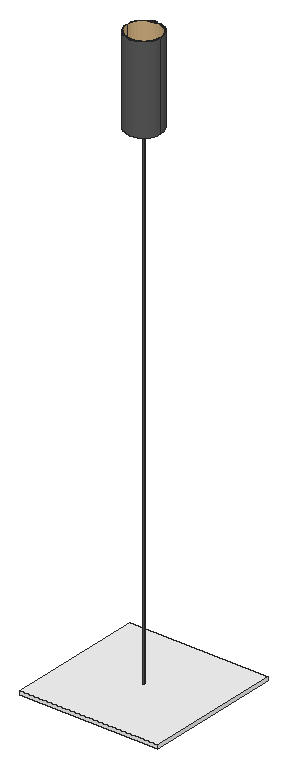
Revit family "BE_50978.4_de_DE", category Leuchten, Revit 2020
Family settings
  Basisbauteil = Fläche
  Bemaßung runder Anschluss = Durchmesser verwenden
  Teiletyp = Normal
  Beim Laden mit Abzugskörper schneiden = Ja
  Lichtquelle = Ja
  Gemeinsam genutzt = Nein
  Raumberechnungspunkt = Ja
Parameters (values of type "BEGA_50978.4_K3")
  built-in parameter 1150104 = 11.195 (stored number, unit not read)
  Wattage = 10.5 W
  Default Elevation = 0 mm
  built-in parameter 1150113 = 1 (stored number, unit not read)
  built-in parameter 1114218 = 1 (stored number, unit not read)
  Umgebungstemperatur = "25 °C"
  URL = "https://www.bega.com/de/produkt/50978.4"
  Typenkommentare = "© 2022 BEGA. Wir behalten uns das Recht vor, technische Änderungen ohne vorherige Ankündigung vorzunehmen."  # constant formula
  built-in parameter 1150134 = (empty or 0)
  built-in parameter 1150109 = 1 (stored number, unit not read)
  Strom = "0,35 A"
  built-in parameter 1150110 = 1 (stored number, unit not read)
  Spannung = 0 V
  Sonderanfertigung = no
  Seriennummer [instance] = "Hier können Sie die eindeutige Seriennummer für das Facility Management eintragen."
  Schutzklasse = "III"
  Schutzart = "IP 20"
  Scheinlast = 0 VA
  Produktdatenblatt = "https://cdn.bega.com/bega/products/50978.4K3/current/documents/data-sheets/de"
  Oberflächentemperatur = ""
  Neigungswinkel = 0.00°
  Modell = "50978.4K3"
  Material_35 = BEGA_Oberfläche_Samtschwarz_matt
  Material_31 = BEGA_Oberfläche_Messing_matt
  Material_22 = BEGA_Oberfläche_Aluminium_matt
  Material_17 = BEGA_Reflektor
  Material_15 = BEGA_Leuchtmedium_matt
  Material_13 = BEGA_Kunststoff_matt
  Material_11 = BEGA_Glas_opal
  Material_09 = BEGA_Glas_klar
  Material_06 = BEGA_Oberfläche_Edelstahl_gebürstet
  Material_03 = BEGA_Oberfläche_Weiss_matt
  Material_02 = BEGA_Oberfläche_Silber_matt
  Material_01 [instance] = BEGA_Oberfläche_Grafit_matt
  M_W = no
  M_G = no
  M_A = no
  Logo = 0
  built-in parameter 1114217 = 1 (stored number, unit not read)
  built-in parameter 1150139 = (empty or 0)
  built-in parameter 1150105 = 100.69 (stored number, unit not read)
  built-in parameter 1150114 = 1 (stored number, unit not read)
  Lumens = 1265.25 lm
  built-in parameter 1150115 = 1 (stored number, unit not read)
  Leuchtenlichtstrom = "386 lm"
  Leuchtenanzahl = ""
  Lebensdauerkriterien = "L70B50 @ 25 °C = 166000 h"
  Lastklassifizierung = Beleuchtung
  built-in parameter 1150112 = 1 (stored number, unit not read)
  Lampenlichtstrom = "1265 lm"
  Lampe = "LED 10.5 W"
  LED_Modulbezeichnung = "LED-1121/930"
  Hersteller = "BEGA"  # constant formula
  Halbstreuwinkel = ""
  Gewicht = "0.94 kg"
  Gebrauchslageneinschränkung [instance] = ""
  Frequenz = ""
  Farbwiedergabeindex = "CRI > 90"
  Farbtemperaturverschiebung bei Dämpfen der Lampe = <Keine Auswahl>
  Farbtemperatur = "3000 K"
  Color Filter = 16777215
  built-in parameter 1150133 = 10 (stored number, unit not read)
  Energieeffizienzklasse = "LED A++ - A"
  built-in parameter 1150137 = (empty or 0)
  built-in parameter 1150132 = (empty or 0)
  ENEC = "ja"
  Dimmbar [instance] = "on/off"
  Datei für fotometrisches Netz = "BE_50978.4K3.IES"
  CE_Konformität = "ja"
  Bestellnummer = "50978.4K3"
  Beschreibung_Sonderanfertigung = "Hier können Sie Informationen zur Sonderanfertigung eintragen."
  Beschreibung = "Systempendelleuchte"
  built-in parameter 1150106 = 1.0069 (stored number, unit not read)
  Befestigungsbohrung = ""
  Befestigungsabstand = ""
  Ballwurfsicher = ""
  BEGA_Intern_aus = yes
  BEGA_Intern_an = yes
  BEGA_Intern_Konstruktion = yes
  BEGA_Intern = yes
  BEGA_IES = yes
  BEGA_Dummy = no
  Anschlussleitung = ""
  Anschlussleistung [instance] = "13 W"
  Anschlusskasten = ""
  built-in parameter 1150107 = 3000 (stored number, unit not read)
  built-in parameter 1150102 = (empty or 0)
  built-in parameter 1150138 = (empty or 0)
  Aktualisierung = "2022-05-19T04:00:07"
  Abstand_zur_angestrahlten_Fläche [instance] = ""
  AC/DC = ""
Reference planes
  plane 1 "Mitte (Vorne/Hinten)": y = 0
  plane 2: z = 0
  plane 3 "Mitte (Links/Rechts)": x = 0
  plane 4 "Links": x = -50
  plane 5 "Rechts": x = 50
  plane 6 "Unten": y = -50
  plane 7 "Oben": y = 50
  plane 8 "Vorne": z = 1700
  plane 9 "Hinten": z = 0
Forms (mm)
  Extrusion 1, solid, material "BEGA_Platte_Weiss"
    sketch origin (0, -1119.2, 0) x (1, 0, 0) y (0, 1, 0)
      loop
        line (-200, 1319.2) -> (-200, 919.2) -> (200, 919.2) -> (200, 1319.2) -> (-200, 1319.2)
    from 0 to -10
  Extrusion 2, solid, material "BEGA_Dummy_matt", visible <- "BEGA_Dummy"
    sketch origin (77.149, -76.023, 0) x (1, 0, 0) y (0, 1, 0)
      loop
        circle (-77.149, 76.023) r 50
    from 0 to 1700
Dimensions and locks
  plane 1 "Mitte (Vorne/Hinten)" to Extrusion 1 = 200 mm
  aligned and locked: plane 2 to Extrusion 1
  aligned and locked: level to Extrusion 1
Nested families
  nested 1: "BE_50978.4" at (0, 0, 0), type "BE_50978.4"
Connectors
  electrical at (0, 0, 0), driven by "Lastklassifizierung", driven by "Spannung", driven by "Scheinlast"
    settings: index 1, voltage 0 V, apparent load 0 VA, apparent load phase1 0 VA, apparent load phase2 0 VA, apparent load phase3 0 VA, power factor 1, load classification "Beleuchtung", number of poles 1, system type 31, power factor state 1, is connector primary yes, connector utility no, sub classification motor no, connector description ""
Definition of nested family "BE_50978.4"
  Parameters (values of type "BE_50978.4")
    Default Elevation = 1 mm
    URL = "http://www.bega.de/de/produkt"
    Type Comments = "© 2015 BEGA. Wir behalten uns das Recht vor, technische Änderungen ohne vorherige Ankündigung vorzunehmen. "  # constant formula
    Type Image = (empty or 0)
    Neigungswinkel_um_Z2 = 0.00°
    Neigungswinkel_um_Z1 = 0.00°
    Neigungswinkel_um_Y2 = 0.00°
    Neigungswinkel_um_Y1 = 0.00°
    Neigungswinkel_um_X2 = 0.00°
    Neigungswinkel_um_X1 = 0.00°
    Material_35 = none
    Material_31 = none
    Material_22 = none
    Material_17 = none
    Material_15 = none
    Material_13 = none
    Material_11 = none
    Material_09 = none
    Material_06 = none
    Material_02 = none
    Material_01 = none
    M_W = yes
    M_G = yes
    M_A = yes
    Länge_Platte = 200 mm  # constant formula
    Höhe_Platte = -10 mm  # constant formula
    Manufacturer = "BEGA"  # constant formula
    Drehwinkel_um_Z2 = 0.00°
    Drehwinkel_um_Z1 = 0.00°
    Breite_Platte = 200 mm  # constant formula
  Reference planes
    plane 1 "Mitte (Oben/Unten)": y = 0
    plane 2: z = 0
    plane 3 "Mitte (Links/Rechts)": x = 0
    plane 4 "Hinten": z = 0
    plane 5 "Links": x = -50
    plane 6 "Rechts": x = 50
    plane 7 "Oben": y = 50
    plane 8 "Unten": y = -50
    plane 9: z = 1700
  Forms (mm)
    Extrusion 1, solid, detail levels medium
      sketch origin (0, 0, 0) x (1, 0, 0) y (0, 1, 0)
        loop
          line (-100, 100) -> (-100, -100) -> (100, -100) -> (100, 100) -> (-100, 100)
      from 0 to -10 <- "Höhe_Platte"
    Revolve 2, solid, material <- "Material_35"
      sketch origin (0, 0, 0) x (1, 0, 0) y (0, 0, 1)
        loop
          line (0, 1468.623) -> (-1.65, 1468.623) -> (-1.65, 0) -> (0, 0) -> (0, 1468.623)
        axis (0, 1468.623) -> (0, 0)
      angle from 0 to 360
    Revolve 3, solid, material <- "Material_35"
      sketch origin (0, 0, 0) x (1, 0, 0) y (0, 0, 1)
        loop
          line (-50, 1700) -> (-50, 1450) -> (-49.1, 1450) -> (-49.1, 1453.501) -> (-3, 1453.501) -> (-3, 1454.501) -> (-48.807, 1454.501) -> (-48.807, 1700) -> (-50, 1700)
        axis (0, 1700) -> (0, 1450)
      angle from 0 to 360
    Revolve 4, solid, material <- "Material_31"
      sketch origin (0, 0, 0) x (1, 0, 0) y (0, 0, 1)
        loop
          line (-48, 1460.52) -> (-48, 1700) -> (-48.807, 1700) -> (-48.807, 1460.52) -> (-48, 1460.52)
        axis (0, 1700) -> (0, 1460.52)
      angle from 0 to 360
    Revolve 5, solid, material <- "Material_35"
      sketch origin (0, 0, 0) x (1, 0, 0) y (0, 0, 1)
        loop
          line (-23.8, 1611.501) -> (-45.336, 1611.501)
          arc (-45.336, 1611.501) -> (-46.251, 1611.13) -> (-46.642, 1610.223) r 1.3
          line (-46.642, 1610.223) -> (-47.3, 1572.511) -> (-46.5, 1572.511) -> (-45.833, 1610.701) -> (-24.262, 1610.701) -> (-23.8, 1611.501)
        axis (0, 1611.501) -> (0, 1572.511)
      angle from 0 to 360
    Revolve 6, solid, material <- "Material_13"
      sketch origin (0, 0, 0) x (1, 0, 0) y (0, 0, 1)
        loop
          arc (0, 1626.701) -> (-15.126, 1621.848) -> (-24.606, 1609.101) r 26
          line (-24.606, 1609.101) -> (-23.015, 1609.101)
          arc (-23.015, 1609.101) -> (-14.044, 1620.776) -> (0, 1625.201) r 24.5
          line (0, 1625.201) -> (0, 1626.701)
        axis (0, 1626.701) -> (0, 1609.101)
      angle from 0 to 360
  Dimensions and locks
    equal spacing: Extrusion 1 sketch curve, plane 3 "Mitte (Links/Rechts)", Extrusion 1 sketch curve
    equal spacing: Extrusion 1 sketch curve, plane 1 "Mitte (Oben/Unten)", Extrusion 1 sketch curve
    "Länge_Platte": Extrusion 1 sketch curve to Extrusion 1 sketch curve
    "Breite_Platte": Extrusion 1 sketch curve to Extrusion 1 sketch curve
    aligned and locked: plane 2 to Extrusion 1
    aligned and locked: level to Extrusion 1
  Automatic sketch dimensions
    Revolve 2 sketch curve to level = 0 mm
    Revolve 2 sketch curve to plane 3 "Mitte (Links/Rechts)" = 0 mm  (x2)
    Revolve 2 sketch curve to Revolve 2 sketch curve = 1.65 mm
    Revolve 3 sketch curve to plane 3 "Mitte (Links/Rechts)" = 50 mm
    Revolve 3 sketch curve to Revolve 3 sketch curve = 0.9 mm
    Revolve 3 sketch curve to Revolve 3 sketch curve = 1.193 mm
    Revolve 3 sketch curve to plane 3 "Mitte (Links/Rechts)" = 3 mm
    Revolve 3 sketch curve to Revolve 3 sketch curve = 3.501 mm
    Revolve 3 sketch curve to Revolve 3 sketch curve = 1 mm
    Revolve 3 sketch curve to Revolve 3 sketch curve = 245.499 mm
    Revolve 4 sketch curve to plane 3 "Mitte (Links/Rechts)" = 0 mm
    Revolve 4 sketch curve to plane 3 "Mitte (Links/Rechts)" = 48 mm
    Revolve 4 sketch curve to Revolve 4 sketch curve = 0.807 mm
    Revolve 4 sketch curve to Revolve 4 sketch curve = 12.52 mm
    Revolve 4 sketch curve to Revolve 4 sketch curve = 239.48 mm
    Revolve 4 sketch curve to Revolve 4 sketch curve = 2 mm
    Revolve 5 sketch curve to plane 3 "Mitte (Links/Rechts)" = 47.3 mm
    Revolve 5 sketch curve to Revolve 5 sketch curve = 0.8 mm  (x2)
    Revolve 5 sketch curve to Revolve 5 sketch curve = 0.667 mm
    Revolve 5 sketch curve to Revolve 5 sketch curve = 0.491 mm
    Revolve 5 sketch curve to Revolve 5 sketch curve = 0.497 mm
    Revolve 5 sketch curve to Revolve 5 sketch curve = 37.69 mm
    Revolve 5 sketch curve to Revolve 5 sketch curve = 0.5 mm
    Revolve 5 sketch curve to Revolve 5 sketch curve = 0.809 mm
    Revolve 5 sketch curve to Revolve 5 sketch curve = 0 mm  (x2)
    Revolve 5 sketch curve to Revolve 5 sketch curve = 21.08 mm
    Revolve 5 sketch curve to Revolve 5 sketch curve = 0.462 mm
    Revolve 6 sketch curve to plane 3 "Mitte (Links/Rechts)" = 0 mm  (x3)
    plane 3 "Mitte (Links/Rechts)" to Revolve 6 sketch curve = 0 mm
    Revolve 6 sketch curve to Revolve 6 sketch curve = 0 mm
    Revolve 6 sketch curve to plane 3 "Mitte (Links/Rechts)" = 23.015 mm
    Revolve 6 sketch curve to Revolve 6 sketch curve = 1.59 mm
    Revolve 6 sketch curve to Revolve 6 sketch curve = 24.5 mm
    level to Revolve 2 sketch curve = 1468.623 mm
    Revolve 2 sketch curve to Revolve 2 sketch curve = 275.622 mm
    Revolve 2 sketch curve to Revolve 2 sketch curve = 118.378 mm
    Revolve 3 sketch curve to plane 3 "Mitte (Links/Rechts)" = 0 mm
    level to Revolve 3 sketch curve = 1450 mm
    Revolve 3 sketch curve to Revolve 3 sketch curve = 5.501 mm
    Revolve 3 sketch curve to Revolve 3 sketch curve = 2 mm
    level to Revolve 4 sketch curve = 1460.52 mm
    Revolve 5 sketch curve to plane 3 "Mitte (Links/Rechts)" = 0 mm
    level to Revolve 5 sketch curve = 1572.511 mm
    Revolve 5 sketch curve to Revolve 5 sketch curve = 124.511 mm
    Revolve 5 sketch curve to Revolve 5 sketch curve = 90.499 mm
    level to Revolve 6 sketch curve = 1600.701 mm
    Revolve 6 sketch curve to Revolve 6 sketch curve = 152.701 mm
    Revolve 6 sketch curve to Revolve 6 sketch curve = 75.299 mm
